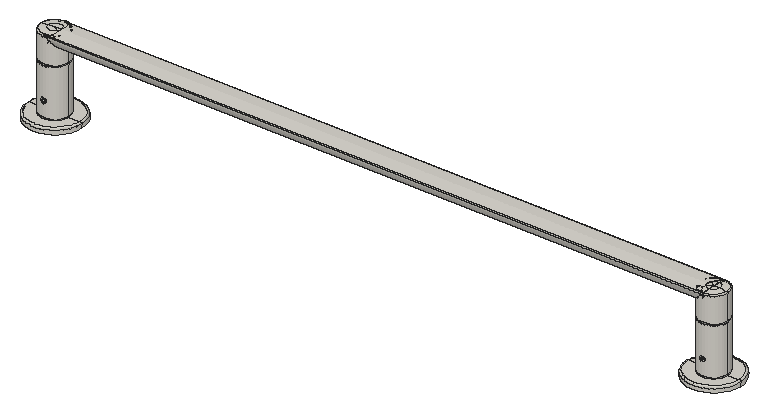
Revit family "Accessory-Towel_Bar-KALLISTA-Capsule-P34137", category Specialty Equipment, host Face, Revit 2021
Family settings
  Host = Face
  Round Connector Dimension = Use Diameter
  Part Type = Normal
  OmniClass Number = 23.31.25.00
  OmniClass Title = Toilet and Bath Specialties
  Cut with Voids When Loaded = No
  Shared = No
  Room Calculation Point = No
Parameters (values of type "SN-Polished Nickel")
  Width = 2 61/64"  # constant formula
  WaterSense Certified = 1 = 0  # no
  URL = "https://www.kallista.com/"
  Type = 2
  Product Page URL = "https://www.kallista.com/products/luxury-bathroom/accessories/towel-bars/002-towel-bar-24-p34137-00/sn-polished-nickel"
  Product Name = "Capsule"  # constant formula
  Product Documentation Link = "https://resources.kohler.com/interiors/kallista/pdf/P34137-00_spec_US-CA_Kallista_en.pdf"
  Model = if(Type = 1, "P34137-00-CP", if(Type = 2, "P34137-00-SN", if(Type = 3, "P34137-00-BAF", if(Type = 4, "P34137-00-BL", if(Type = 5, "P34137-00-BN", if(Type = 6, "P34137-00-2MB", "NA"))))))  # "P34137-00-SN"
  Material = "Premium Metal Construction"  # constant formula
  Master Format 2014 Name = "Toilet, Bath, and Laundry Accessories"  # constant formula
  Master Format 2014 = "10 28 00"  # constant formula
  Manufacturer Address = "444 Highland Dr, Kohler, WI 53044"  # constant formula
  Manufacturer = "Kallista Co."  # constant formula
  Length = 25 31/32"  # constant formula
  Height = 1 31/32"  # constant formula
  Finish = Kallista-Metal-SN-Polished_Nickel
  Environmental Product Declaration = ""
  Description = "Capsule 24 Towel bar"  # constant formula
  Default Elevation = 42"
  Declare Label = ""
  Date Modified = "12/31/2024"  # constant formula
  Date Created = "08/29/2023"  # constant formula
  Copyright = "Copyright Kallista Co."  # constant formula
  Contact Us = "https://www.kallista.com/corporate/contact-us/"
  Assembly Code = "C1030200"
  ADA Compliant = 1 = 0  # no
Types (7): name | Type | Product Page URL | Model | Finish
  (no name) | 2 | "https://www.kallista.com/products/luxury-bathroom/accessories/towel-bars/002-towel-bar-24-p34137-00/sn-polished-nickel" | "P34137-00-SN" | Kallista-Metal-SN-Polished_Nickel
  CP-Chrome | 1 | "https://www.kallista.com/products/luxury-bathroom/accessories/towel-bars/002-towel-bar-24-p34137-00/cp-chrome" | "P34137-00-CP" | Kallista-Metal-CP-Chrome
  SN-Polished Nickel | 2 | "https://www.kallista.com/products/luxury-bathroom/accessories/towel-bars/002-towel-bar-24-p34137-00/sn-polished-nickel" | "P34137-00-SN" | Kallista-Metal-SN-Polished_Nickel
  BAF-Brushed French Gold | 3 | "https://www.kallista.com/products/luxury-bathroom/accessories/towel-bars/002-towel-bar-24-p34137-00/baf-brushed-french-gold" | "P34137-00-BAF" | Kallista-Metal-BAF-Brushed_French_Gold
  BL-Matte Black | 4 | "https://www.kallista.com/products/luxury-bathroom/accessories/towel-bars/002-towel-bar-24-p34137-00/bl-matte-black" | "P34137-00-BL" | Kalista-Metal-BL-Matte_Black
  BN-Brushed Nickel | 5 | "https://www.kallista.com/products/luxury-bathroom/accessories/towel-bars/002-towel-bar-24-p34137-00/bn-brushed-nickel" | "P34137-00-BN" | Kallista-Metal-BN-Brushed_Nickel
  2MB-Brushed Brass | 6 | "" | "P34137-00-2MB" | Kallista-Metal-2MB-Brushed_Brass
Reference planes (in)
  plane 1 "Center (Front/Back)": y = 0
  plane 2: z = 0
  plane 3 "Center (Left/Right)": x = 0
  plane 4: y = 0.98425
  plane 5: y = -0.9845
  plane 6: y = 0.50984
  plane 7: y = -0.50984
  plane 8: x = -12.98425
  plane 9: x = -11.01575
  plane 10: x = -11.49016
  plane 11: x = -12
  plane 12: x = -12.50984
  plane 13: x = 12.9845
  plane 14: x = 12.50984
  plane 15: x = 12
  plane 16: x = 11.49016
  plane 17: x = 11.01599
  plane 18: z = 2.95312
  plane 19: z = 2.9252
  plane 20: z = 0.19685
  plane 21: z = 2.44919
Dimensions and locks (in)
  plane 8 to plane 13 = 25 31/32"
  plane 8 to plane 9 = 1.9685"
  plane 17 to plane 13 = 1.9685"
  plane 16 to plane 14 = 1.01969"  (x2)
  plane 12 to plane 10 = 1.01969"  (x2)
  plane 11 to plane 15 = 24"
  plane 4 to plane 5 = 1 31/32"  (x2)
  plane 6 to plane 7 = 1.01969"
  "Height": plane 4 to plane 5
  "Length": plane 8 to plane 13
  "Width": plane 18 to plane 2
  plane 2 to plane 19 = 2.9252"
  plane 2 to plane 20 = 0.19685"  (x2)
  plane 21 to plane 18 = 0.50394"
  plane 18 to plane 2 = 2 61/64"
  aligned and locked: plane 2 to host face
  aligned and locked: level to host face
Automatic sketch dimensions
  host sketch curve to host sketch curve = 96"  (x2)
Nested families (in)
  nested 1: "P34137" at (0, 0, 0), type "P34137"
Definition of nested family "P34137"
  Parameters
    Material = none
    Default Elevation = 0"
  Reference planes (in)
    plane 1 "Center (Front/Back)": y = 0
    plane 2: z = 0
    plane 3 "Center (Left/Right)": x = 0
    plane 4: z = 2.44882
    plane 5: z = 2.9252
    plane 6: z = 0.19685
    plane 7: z = 2.95276
    plane 8: y = 0.98425
    plane 9: y = -0.98425
    plane 10: y = -0.50984
    plane 11: y = 0.50984
    plane 12: x = 12
    plane 13: x = -12
    plane 14: x = -12.98425
    plane 15: x = 12.98425
    plane 16: x = -11.01575
    plane 17: x = 11.01575
    plane 18: x = 12.50984
    plane 19: x = 11.49016
    plane 20: x = -11.49016
    plane 21: x = -12.50984
  Forms (in)
    Extrusion 1, solid, material <- "Material", detail levels medium+fine
      sketch origin (0, 0, 0) x (0, 1, 0) y (0, 0, 1)
        loop
          arc (-0.47114, 2.91944) -> (-0.49705, 2.90388) -> (-0.50407, 2.87448) r 0.039
          arc (-0.50407, 2.87448) -> (0, 2.44685) -> (0.50407, 2.87448) r 0.5109
          arc (0.50407, 2.87448) -> (0.49705, 2.90388) -> (0.47114, 2.91944) r 0.039
          arc (0.47114, 2.91944) -> (0, 2.95314) -> (-0.47114, 2.91944) r 3.31001
      from -11.99786 to 12.0007
    Revolve 2, solid, material <- "Material", detail levels medium+fine
      sketch origin (-3.00168, 0, 0) x (1, 0, 0) y (0, 0, 1)
        loop
          line (-9, 0.19685) -> (-9.92679, 0.19685)
          arc (-9.92679, 0.19685) -> (-9.96742, 0.18002) -> (-9.98425, 0.13939) r 0.05746
          line (-9.98425, 0.13939) -> (-9.98425, 0) -> (-9, 0) -> (-9, 0.19685)
        axis (-9, 0.19685) -> (-9, 0)
      angle from 0 to 360
    Revolve 3, solid, material <- "Material", detail levels medium+fine
      sketch origin (3.00434, 0, 0) x (-1, 0, 0) y (0, 0, -1)
        loop
          line (-9, -0.19685) -> (-9, 0) -> (-9.98425, 0) -> (-9.98425, -0.13939)
          arc (-9.98425, -0.13939) -> (-9.96742, -0.18002) -> (-9.92679, -0.19685) r 0.05746
          line (-9.92679, -0.19685) -> (-9, -0.19685)
        axis (-9, -0.19685) -> (-9, 0)
      angle from 0 to 360
    Revolve 4, solid, material <- "Material", detail levels medium+fine
      sketch origin (-3.00168, 0, 0) x (1, 0, 0) y (0, 0, 1)
        loop
          line (-9, 1.9476) -> (-9.4895, 1.9476)
          arc (-9.4895, 1.9476) -> (-9.50388, 1.94165) -> (-9.50984, 1.92726) r 0.02034
          line (-9.50984, 1.92726) -> (-9.50984, 0.21695)
          arc (-9.50984, 0.21695) -> (-9.50396, 0.20274) -> (-9.48975, 0.19685) r 0.02009
          line (-9.48975, 0.19685) -> (-9, 0.19685) -> (-9, 1.9476)
        axis (-9, 1.9476) -> (-9, 0.19685)
      angle from 0 to 360
    Revolve 5, solid, material <- "Material", detail levels medium+fine
      sketch origin (3.00434, 0, 0) x (-1, 0, 0) y (0, 0, -1)
        loop
          line (-9, -1.9476) -> (-9, -0.19685) -> (-9.48975, -0.19685)
          arc (-9.48975, -0.19685) -> (-9.50396, -0.20274) -> (-9.50984, -0.21695) r 0.02009
          line (-9.50984, -0.21695) -> (-9.50984, -1.92726)
          arc (-9.50984, -1.92726) -> (-9.50388, -1.94165) -> (-9.4895, -1.9476) r 0.02034
          line (-9.4895, -1.9476) -> (-9, -1.9476)
        axis (-9, -1.9476) -> (-9, -0.19685)
      angle from 0 to 360
    Revolve 6, solid, material <- "Material", detail levels medium+fine
      sketch origin (-3.00168, 0, 0) x (1, 0, 0) y (0, 0, 1)
        loop
          arc (-9, 2.95253) -> (-9.11451, 2.95022) -> (-9.22891, 2.94453) r 3.86873
          arc (-9.22891, 2.94453) -> (-9.35299, 2.934) -> (-9.47655, 2.91848) r 3.08924
          arc (-9.47655, 2.91848) -> (-9.50035, 2.90542) -> (-9.50982, 2.87998) r 0.0389
          line (-9.50982, 2.87998) -> (-9.50982, 1.96836)
          arc (-9.50982, 1.96836) -> (-9.50386, 1.95395) -> (-9.48945, 1.94798) r 0.02037
          line (-9.48945, 1.94798) -> (-9, 1.94798) -> (-9, 2.95253)
        axis (-9, 2.95253) -> (-9, 1.94798)
      angle from 0 to 360
    Revolve 7, solid, material <- "Material", detail levels medium+fine
      sketch origin (3.00434, 0, 0) x (-1, 0, 0) y (0, 0, -1)
        loop
          line (-9, -2.95253) -> (-9, -1.94798) -> (-9.48945, -1.94798)
          arc (-9.48945, -1.94798) -> (-9.50386, -1.95395) -> (-9.50982, -1.96836) r 0.02037
          line (-9.50982, -1.96836) -> (-9.50982, -2.87998)
          arc (-9.50982, -2.87998) -> (-9.50035, -2.90542) -> (-9.47655, -2.91848) r 0.0389
          arc (-9.47655, -2.91848) -> (-9.35299, -2.934) -> (-9.22891, -2.94453) r 3.08924
          arc (-9.22891, -2.94453) -> (-9.11451, -2.95022) -> (-9, -2.95253) r 3.86873
        axis (-9, -2.95253) -> (-9, -1.94798)
      angle from 0 to 360
    Extrusion 8, void
      sketch origin (-3.00168, 0, 0) x (1, 0, 0) y (0, 0, 1)
        loop
          line (-8.97159, 0.83661) -> (-9.02841, 0.83661) -> (-9.05682, 0.7874) -> (-9.02841, 0.73819) -> (-8.97159, 0.73819) -> (-8.94317, 0.7874) -> (-8.97159, 0.83661)
      from 0.27559 to 0.92458
    Blend 9, void
      base sketch origin (-3.00168, 0, 0) x (1, 0, 0) y (0, 0, 1)
        loop
          circle (-9.0011, 0.78764) r 0.07764
      top sketch origin (-3.00168, 0, 0) x (1, 0, 0) y (0, 0, 1)
        loop
          circle (-9.0011, 0.78764) r 0.10378
      from 0.20301 to 0.64422
    Extrusion 10, solid, detail levels medium+fine
      sketch origin (-3.00168, 0, 0) x (1, 0, 0) y (0, 0, 1)
        loop
          circle (-8.99806, 0.78716) r 0.0837
      from 0.44644 to 0.4968
    Extrusion 11, void
      sketch origin (3.00134, 0, 0) x (-1, 0, 0) y (0, 0, -1)
        loop
          line (-8.97159, -0.83661) -> (-8.94317, -0.7874) -> (-8.97159, -0.73819) -> (-9.02841, -0.73819) -> (-9.05682, -0.7874) -> (-9.02841, -0.83661) -> (-8.97159, -0.83661)
      from 0.27559 to 0.92458
    Blend 12, void
      base sketch origin (3.00155, 0, 0) x (-1, 0, 0) y (0, 0, -1)
        loop
          circle (-9.0011, -0.78764) r 0.07764
      top sketch origin (3.00155, 0, 0) x (-1, 0, 0) y (0, 0, -1)
        loop
          circle (-9.0011, -0.78764) r 0.10378
      from 0.20301 to 0.64422
    Extrusion 13, solid, detail levels medium+fine
      sketch origin (3.00434, 0, 0) x (-1, 0, 0) y (0, 0, -1)
        loop
          circle (-8.99806, -0.78716) r 0.0837
      from 0.44644 to 0.4968
    Extrusion 14, void
      sketch origin (-3.00174, 0, 0) x (1, 0, 0) y (0, 1, 0)
        loop
          circle (-7.20381, -0.00084) r 0.07874
      from 2.44685 to 2.5183
    Extrusion 15, solid, detail levels medium+fine
      sketch origin (-3.00197, 0, 0) x (1, 0, 0) y (0, 1, 0)
        loop
          circle (-7.20381, -0.00084) r 0.07539
      from 2.44685 to 2.50138
    Extrusion 16, void
      sketch origin (3.00174, 0, 0) x (-1, 0, 0) y (0, -1, 0)
        loop
          circle (-7.20381, 0.00084) r 0.07874
      from 2.44685 to 2.5183
    Extrusion 17, solid, detail levels medium+fine
      sketch origin (3.00197, 0, 0) x (-1, 0, 0) y (0, -1, 0)
        loop
          circle (-7.20381, 0.00084) r 0.07539
      from 2.44685 to 2.50138
    Revolve 18, solid, material <- "Material", detail levels coarse
      sketch origin (0, 0, 0) x (1, 0, 0) y (0, 0, 1)
        loop
          line (-12, 2.95374) -> (-12.47449, 2.91914)
          arc (-12.47449, 2.91914) -> (-12.49782, 2.90795) -> (-12.50729, 2.88386) r 0.03537
          line (-12.50729, 2.88386) -> (-12.50729, 0.19685) -> (-12.98425, 0.19685) -> (-12.98425, 0) -> (-12, 0) -> (-12, 2.95374)
        axis (-12, 2.95374) -> (-12, 0)
      angle from 0 to 360
    Revolve 19, solid, material <- "Material", detail levels coarse
      sketch origin (0, 0, 0) x (-1, 0, 0) y (0, 0, -1)
        loop
          line (-12, -2.95374) -> (-12, 0) -> (-12.98425, 0) -> (-12.98425, -0.19685) -> (-12.50729, -0.19685) -> (-12.50729, -2.88386)
          arc (-12.50729, -2.88386) -> (-12.49782, -2.90795) -> (-12.47449, -2.91914) r 0.03537
          line (-12.47449, -2.91914) -> (-12, -2.95374)
        axis (-12, -2.95374) -> (-12, 0)
      angle from 0 to 360
    Extrusion 20, solid, material <- "Material", detail levels coarse
      sketch origin (0, 0, 0) x (0, 1, 0) y (0, 0, 1)
        loop
          arc (-0.509, 2.91377) -> (0, 2.44685) -> (0.509, 2.91377) r 0.5109
          arc (0.509, 2.91377) -> (0, 2.95314) -> (-0.509, 2.91377) r 3.31001
      from -11.98712 to 12.00023
    Extrusion 21, solid, detail levels coarse
      sketch origin (0, 0, 0) x (1, 0, 0) y (0, 0, 1)
        loop
          circle (-11.99532, 0.78526) r 0.10125
        loop
          circle (11.99532, 0.78526) r 0.10125
      from 0.43867 to 0.51353
    Extrusion 22, solid, detail levels coarse
      sketch origin (0, 0, 0) x (1, 0, 0) y (0, 1, 0)
        loop
          circle (10.20304, 0.00002) r 0.07684
        loop
          circle (-10.20304, 0.00002) r 0.07684
      from 2.41638 to 2.59849
  Cuts and joins
    Blend 12 cuts Revolve 2
    Blend 12, Extrusion 14, Extrusion 16 cuts Extrusion 1
    Blend 12 cuts Revolve 5
    Blend 12 cuts Revolve 3
    Blend 9, Blend 12 cuts Revolve 4
    Extrusion 8, Extrusion 11, Blend 12 cuts Extrusion 10
    Extrusion 11 cuts Extrusion 13
    joined: Revolve 18, Revolve 19
  Lines and regions (in)
    Masking region 1
      outline origin (0, 0, 0) x (1, 0, 0) y (0, 1, 0)
        loop
          line (11.15809, 0.50984) -> (-11.15809, 0.50984)
          arc (-11.15809, 0.50984) -> (-12.98425, 0) -> (-11.15809, -0.50984) r 0.98425
          line (-11.15809, -0.50984) -> (11.15809, -0.50984)
          arc (11.15809, -0.50984) -> (12.98425, 0) -> (11.15809, 0.50984) r 0.98425
    Masking region 2
      outline origin (0, 0, 0) x (1, 0, 0) y (0, 0, 1)
        loop
          line (12.01778, 2.95276) -> (0, 2.95276) -> (-12.01778, 2.95276)
          arc (-12.01778, 2.95276) -> (-12.24891, 2.94409) -> (-12.47874, 2.91815) r 3.0871
          arc (-12.47874, 2.91815) -> (-12.501, 2.90584) -> (-12.50984, 2.882) r 0.03656
          line (-12.50984, 2.882) -> (-12.50984, 1.96999)
          arc (-12.50984, 1.96999) -> (-12.50335, 1.95433) -> (-12.48769, 1.94784) r 0.02215
          arc (-12.48769, 1.94784) -> (-12.50335, 1.94135) -> (-12.50984, 1.92569) r 0.02215
          line (-12.50984, 1.92569) -> (-12.50984, 0.22163)
          arc (-12.50984, 0.22163) -> (-12.50567, 0.20703) -> (-12.4944, 0.19685) r 0.0276
          line (-12.4944, 0.19685) -> (-12.92701, 0.19685)
          arc (-12.92701, 0.19685) -> (-12.96749, 0.18009) -> (-12.98425, 0.13961) r 0.05724
          line (-12.98425, 0.13961) -> (-12.98425, 0) -> (-12.00134, 0) -> (-11.01575, 0) -> (-11.01575, 0.13961)
          arc (-11.01575, 0.13961) -> (-11.03251, 0.18009) -> (-11.07299, 0.19685) r 0.05724
          line (-11.07299, 0.19685) -> (-11.5056, 0.19685)
          arc (-11.5056, 0.19685) -> (-11.49433, 0.20703) -> (-11.49016, 0.22163) r 0.0276
          line (-11.49016, 0.22163) -> (-11.49016, 1.92569)
          arc (-11.49016, 1.92569) -> (-11.49665, 1.94135) -> (-11.51231, 1.94784) r 0.02215
          arc (-11.51231, 1.94784) -> (-11.49665, 1.95433) -> (-11.49016, 1.96999) r 0.02215
          line (-11.49016, 1.96999) -> (-11.49016, 2.11402)
          arc (-11.49016, 2.11402) -> (-11.48217, 2.16607) -> (-11.46945, 2.21716) r 0.57451
          arc (-11.46945, 2.21716) -> (-11.36745, 2.3695) -> (-11.19724, 2.43759) r 0.31004
          arc (-11.19724, 2.43759) -> (-11.08049, 2.44464) -> (-10.96356, 2.44699) r 2.90964
          line (-10.96356, 2.44699) -> (10.96356, 2.44882)
          arc (10.96356, 2.44882) -> (11.08049, 2.44464) -> (11.19724, 2.43759) r 2.90964
          arc (11.19724, 2.43759) -> (11.36745, 2.3695) -> (11.46945, 2.21716) r 0.31004
          arc (11.46945, 2.21716) -> (11.48217, 2.16607) -> (11.49016, 2.11402) r 0.57451
          line (11.49016, 2.11402) -> (11.49016, 1.96999)
          arc (11.49016, 1.96999) -> (11.49665, 1.95433) -> (11.51231, 1.94784) r 0.02215
          arc (11.51231, 1.94784) -> (11.49665, 1.94135) -> (11.49016, 1.92569) r 0.02215
          line (11.49016, 1.92569) -> (11.49016, 0.22163)
          arc (11.49016, 0.22163) -> (11.49433, 0.20703) -> (11.5056, 0.19685) r 0.0276
          line (11.5056, 0.19685) -> (11.07299, 0.19685)
          arc (11.07299, 0.19685) -> (11.03251, 0.18009) -> (11.01575, 0.13961) r 0.05724
          line (11.01575, 0.13961) -> (11.01575, 0) -> (12.00134, 0) -> (12.98425, 0) -> (12.98425, 0.13961)
          arc (12.98425, 0.13961) -> (12.96749, 0.18009) -> (12.92701, 0.19685) r 0.05724
          line (12.92701, 0.19685) -> (12.4944, 0.19685)
          arc (12.4944, 0.19685) -> (12.50567, 0.20703) -> (12.50984, 0.22163) r 0.0276
          line (12.50984, 0.22163) -> (12.50984, 1.92569)
          arc (12.50984, 1.92569) -> (12.50335, 1.94135) -> (12.48769, 1.94784) r 0.02215
          arc (12.48769, 1.94784) -> (12.50335, 1.95433) -> (12.50984, 1.96999) r 0.02215
          line (12.50984, 1.96999) -> (12.50984, 2.882)
          arc (12.50984, 2.882) -> (12.501, 2.90584) -> (12.47874, 2.91815) r 0.03656
          arc (12.47874, 2.91815) -> (12.24891, 2.94409) -> (12.01778, 2.95276) r 3.0871
    Masking region 3
      outline origin (0, 0, 0) x (0, 1, 0) y (0, 0, 1)
        loop
          line (-0.92996, 0.19685) -> (-0.49079, 0.19685)
          arc (-0.49079, 0.19685) -> (-0.50456, 0.20663) -> (-0.50984, 0.22267) r 0.02702
          line (-0.50984, 0.22267) -> (-0.50984, 1.92271)
          arc (-0.50984, 1.92271) -> (-0.50483, 1.93808) -> (-0.49173, 1.94754) r 0.02608
          arc (-0.49173, 1.94754) -> (-0.50481, 1.9565) -> (-0.50984, 1.97152) r 0.02493
          line (-0.50984, 1.97152) -> (-0.50984, 2.88031)
          arc (-0.50984, 2.88031) -> (-0.5004, 2.90565) -> (-0.47669, 2.91864) r 0.03873
          arc (-0.47669, 2.91864) -> (-0.00059, 2.95314) -> (0.47551, 2.91881) r 3.31001
          arc (0.47551, 2.91881) -> (0.50007, 2.90537) -> (0.50984, 2.87913) r 0.04009
          line (0.50984, 2.87913) -> (0.50984, 1.97152)
          arc (0.50984, 1.97152) -> (0.50481, 1.9565) -> (0.49173, 1.94754) r 0.02493
          arc (0.49173, 1.94754) -> (0.50483, 1.93808) -> (0.50984, 1.92271) r 0.02608
          line (0.50984, 1.92271) -> (0.50984, 0.22267)
          arc (0.50984, 0.22267) -> (0.50456, 0.20663) -> (0.49079, 0.19685) r 0.02702
          line (0.49079, 0.19685) -> (0.92996, 0.19685)
          arc (0.92996, 0.19685) -> (0.96835, 0.18095) -> (0.98425, 0.14256) r 0.05429
          line (0.98425, 0.14256) -> (0.98425, 0) -> (-0.98425, 0) -> (-0.98425, 0.13818)
          arc (-0.98425, 0.13818) -> (-0.96707, 0.17967) -> (-0.92558, 0.19685) r 0.05867
    symbolic lines, detail levels medium+fine
      curve 1: arc (11.23676, -0.50984, 0) -> (12.91786, 0, 0) -> (11.23676, 0.50984, 0) r 0.91786
      curve 2: arc (-11.23432, 0.50984, 0) -> (-12.9199, 0, 0) -> (-11.23432, -0.50984, 0) r 0.9199
      curve 3: line (-10.74661, 0.50984, 0) -> (-12.00139, 0.50984, 0)
      curve 4: line (-10.84636, -0.50984, 0) -> (-12.00139, -0.50984, 0)
      curve 5: arc (-12.00139, 0.50984, 0) -> (-12.51124, 0, 0) -> (-12.00139, -0.50984, 0) r 0.50984
      curve 6: line (-10.9897, -0.47114, 0) -> (-11.99609, -0.47114, 0)
      curve 7: line (-10.99896, 0.47114, 0) -> (-11.99609, 0.47114, 0)
      curve 8: arc (-11.99609, 0.47114, 0) -> (-12.46723, 0, 0) -> (-11.99609, -0.47114, 0) r 0.47114
      curve 9: line (-10.99896, 0.50984, 0) -> (-10.99896, -0.50984, 0)
      curve 10: line (-10.9897, -0.50984, 0) -> (-10.9897, 0.50984, 0)
      curve 11: line (10.99896, 0.50984, 0) -> (12.00139, 0.50984, 0)
      curve 12: line (10.99896, -0.50984, 0) -> (12.00139, -0.50984, 0)
      curve 13: arc (12.00139, 0.50984, 0) -> (12.51124, 0, 0) -> (12.00139, -0.50984, 0) r 0.50984
      curve 14: line (10.9897, -0.47114, 0) -> (11.99609, -0.47114, 0)
      curve 15: line (10.9897, 0.47114, 0) -> (11.99609, 0.47114, 0)
      curve 16: arc (11.99609, 0.47114, 0) -> (12.46723, 0, 0) -> (11.99609, -0.47114, 0) r 0.47114
      curve 17: line (10.99896, 0.50984, 0) -> (10.99896, -0.50984, 0)
      curve 18: line (10.9897, -0.50984, 0) -> (10.9897, 0.50984, 0)
      curve 19: line (12.98425, 0, 0.13961) -> (11.01575, 0, 0.13961)
      curve 20: line (12.4944, 0, 0.19685) -> (11.5056, 0, 0.19685)
      curve 21: line (12.50984, 0, 0.22163) -> (11.49016, 0, 0.22163)
      curve 22: line (12.50984, 0, 1.96999) -> (11.49016, 0, 1.96999)
      curve 23: line (12.50984, 0, 1.92569) -> (11.49016, 0, 1.92569)
      curve 24: line (12.48769, 0, 1.94784) -> (11.51231, 0, 1.94784)
      curve 25: line (10.9924, 0, 2.95276) -> (10.9924, 0, 2.44685)
      curve 26: line (11.00059, 0, 2.44676) -> (11.00059, 0, 2.95177)
      curve 27: line (12.47874, 0, 2.91815) -> (10.9924, 0, 2.91815)
      curve 28: line (12.50984, 0, 2.882) -> (10.9924, 0, 2.882)
      curve 29: line (-12.98425, 0, 0.13961) -> (-11.01575, 0, 0.13961)
      curve 30: line (-12.4944, 0, 0.19685) -> (-11.5056, 0, 0.19685)
      curve 31: line (-12.50984, 0, 0.22163) -> (-11.49016, 0, 0.22163)
      curve 32: line (-12.50984, 0, 1.96999) -> (-11.49016, 0, 1.96999)
      curve 33: line (-12.50984, 0, 1.92569) -> (-11.49016, 0, 1.92569)
      curve 34: line (-12.48769, 0, 1.94784) -> (-11.51231, 0, 1.94784)
      curve 35: line (-10.9924, 0, 2.95276) -> (-10.9924, 0, 2.44685)
      curve 36: line (-11.00059, 0, 2.44676) -> (-11.00059, 0, 2.95177)
      curve 37: line (-12.47874, 0, 2.91815) -> (-10.9924, 0, 2.91815)
      curve 38: line (-12.50984, 0, 2.882) -> (-10.9924, 0, 2.882)
      curve 39: line (0, 0.50984, 2.87913) -> (0, -0.50851, 2.87913)
      curve 40: line (0, 0.47551, 2.91881) -> (0, -0.47243, 2.91881)
      curve 41: line (0, 0.50984, 0.22267) -> (0, -0.50984, 0.22267)
      curve 42: line (0, 0.49079, 0.19685) -> (0, -0.49079, 0.19685)
      curve 43: line (0, 0.98425, 0.13794) -> (0, -0.98425, 0.13794)
      curve 44: line (0, 0.49173, 1.94754) -> (0, -0.49173, 1.94754)
      curve 45: line (0, 0.50984, 1.97152) -> (0, -0.50984, 1.97152)
      curve 46: line (0, 0.50984, 1.92271) -> (0, -0.50984, 1.92271)
  Dimensions and locks (in)
    plane 6 to level = 0.19685"
    plane 7 to level = 2.95276"
    plane 8 to plane 9 = 1.9685"
    plane 11 to plane 10 = 1.01969"
    plane 7 to plane 2 = 2.95276"
    plane 2 to plane 4 = 2.44882"
    plane 4 to plane 5 = 0.47638"
    plane 2 to plane 6 = 0.19685"
    plane 9 to plane 8 = 1.9685"  (x2)
    plane 13 to plane 12 = 24"
    plane 14 to plane 15 = 25.9685"
    plane 14 to plane 16 = 1.9685"  (x2)
    plane 17 to plane 15 = 1.9685"
    plane 6 to plane 2 = 0.19685"
    plane 15 to plane 14 = 25.9685"
    plane 15 to plane 17 = 1.9685"
    plane 20 to plane 21 = 1.01969"
    plane 18 to plane 19 = 1.01969"
    aligned and locked: plane 2 to level
